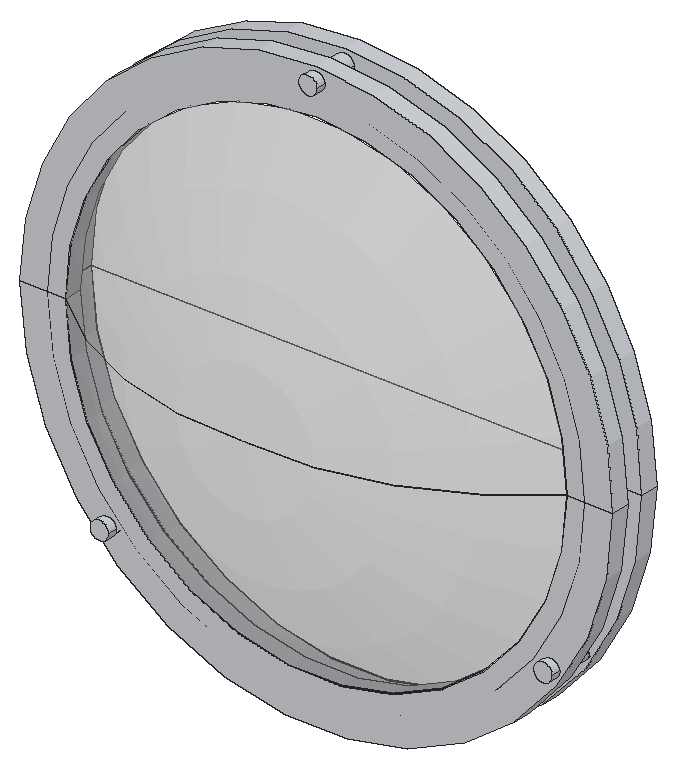
Revit family "2062-16", category Lighting Fixtures, Revit 2016
Family settings
  Part Type = Normal
  Round Connector Dimension = Use Diameter
  OmniClass Number = 23.80.70.00
  OmniClass Title = Lighting
  Work Plane-Based = No
  Always vertical = Yes
  Cut with Voids When Loaded = No
  Light Source = Yes
  Shared = No
  Room Calculation Point = No
Parameters
  Wattage = 12.1178 W
  built-in parameter 1150110 = 1 (stored number, unit not read)
  built-in parameter 1114217 = 1 (stored number, unit not read)
  built-in parameter 1150109 = 1 (stored number, unit not read)
  built-in parameter 1150134 = (empty or 0)
  built-in parameter 1150113 = 1 (stored number, unit not read)
  Lumens = 1800 lm
  built-in parameter 1150115 = 1 (stored number, unit not read)
  built-in parameter 1150105 = 143.24 (stored number, unit not read)
  Light Source Symbol Size = 2' - 0"
  built-in parameter 1150137 = (empty or 0)
  built-in parameter 1150139 = (empty or 0)
  built-in parameter 1150112 = 1 (stored number, unit not read)
  built-in parameter 1150114 = 1 (stored number, unit not read)
  built-in parameter 1150132 = 2
  built-in parameter 1150102 = (empty or 0)
  built-in parameter 1150138 = (empty or 0)
  built-in parameter 1150107 = 3000 (stored number, unit not read)
  built-in parameter 1150106 = 1.4324 (stored number, unit not read)
  built-in parameter 1150104 = 13.8 (stored number, unit not read)
  Dimming Lamp Color Temperature Shift = (empty or 0)
  Color Filter = 16777215
  built-in parameter 1114218 = 1 (stored number, unit not read)
  built-in parameter 1150133 = 10 (stored number, unit not read)
Reference planes (in)
  plane 1 "Light Source Axis (F/B)": y = 0
  plane 2: z = 0
  plane 3 "Light Source Axis (L/R)": x = 0
  plane 4 "Light Source Elevation": z = 0.05738
Forms (in)
  Revolve 1, solid, material "Acrylic-Brownlee"
    sketch origin (0, 0, 0) x (1, 0, 0) y (0, 1, 0)
      loop
        line (7.375, 0) -> (0, 0) -> (0, -4.00063)
        arc (0, -4.00063) -> (3.69606, -3.46118) -> (6.875, -1.5) r 9.22222
        line (6.875, -1.5) -> (7.375, -1.5) -> (7.375, 0)
      axis (0, 0) -> (0, -4.00063)
    angle from 0 to 360
  Revolve 2, solid
    sketch origin (0, 0, 0) x (1, 0, 0) y (0, 1, 0)
      loop
        line (7.38925, 0) -> (7.38925, -0.5) -> (8.13925, -0.5) -> (8.13925, 0) -> (7.38925, 0)
      loop
        line (6.88925, -1.5) -> (8.13925, -1.5) -> (8.13925, -1) -> (6.88925, -1) -> (6.88925, -1.5)
      axis (0, 0) -> (0, -1.5)
    angle from 0 to 360
  Extrusion 3, solid
    sketch origin (-0.16864, 0, -3.44717) x (1, 0, 0) y (0, 0, 1)
      loop
        circle (0.14169, 11.2261) r 0.25
      loop
        circle (-5.58183, -1.73008) r 0.25
      loop
        circle (6.58326, -0.94906) r 0.25
    from 0 to 1.75
Dimensions and locks (in)
  aligned and locked: plane 4 "Light Source Elevation" to imposter light
  aligned and locked: level to plane 2
